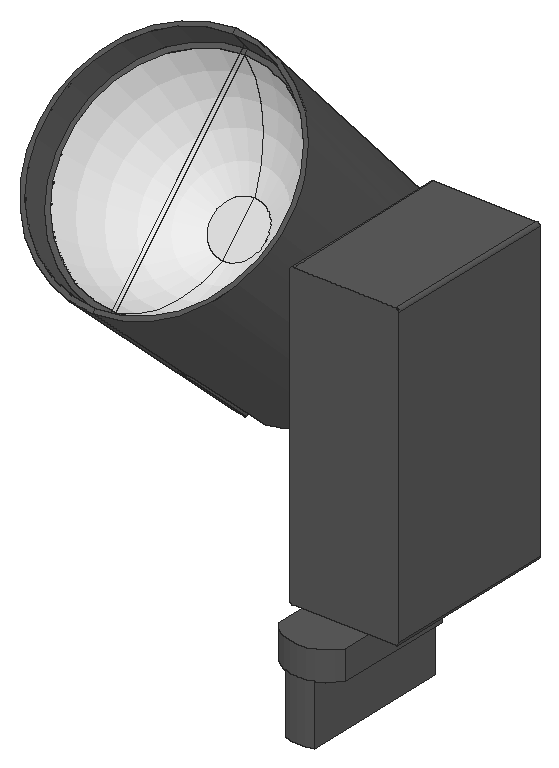
Revit family "0004891 Feilo Sylvania Lighting Fixture START TRACK SPOT L 35W 3K RA90 WB BLACK", category Lighting Fixtures, host Face, Revit 2017
Family settings
  Host = Face
  Round Connector Dimension = Use Diameter
  Part Type = Normal
  OmniClass Number = 23.80.70.00
  OmniClass Title = Lighting
  Cut with Voids When Loaded = No
  Light Source = No
  Shared = No
  Room Calculation Point = No
Parameters (values of type "0004891 START TRACK SPOT L 35W 3K RA90 WB BLACK")
  Weight = "1.368 kg"
  Wattage Comments = ""
  WarrantyStartDate [instance] = "n/a"
  WarrantyGuarantorParts = "n/a"
  WarrantyDurationUnit = "n/a"
  WarrantyDurationParts = "n/a"
  WarrantyDescription = "n/a"
  Voltage = 230 V
  URL = "http://www.sylvania-lighting.com"
  TypeName = "START TRACK SPOT L 35W 3K RA90 WB BLACK"
  TypeHead_FEILO = Start Track Spot Head : 0004891 START TRACK SPOT L 35W 3K RA90 WB BLACK
  TypeBox_FEILO = Start Track Spot Box : Type Large Black
  Type Image = <None>
  Type Comments = "n/a"
  VerticalRotation_FEILO [instance] = 0.00°
  SlideEndAngle_FEILO [instance] = VerticalRotation_FEILO + 180.00°  # 180.00°
  SerialNumber [instance] = "n/a"
  Material_3_FEILO = none
  PowerFactor = 0.93
  PowerConsumption = "35 W"
  NominalLength = 0 mm
  NominalHeight = 240 mm
  NominalDepth = 164 mm
  Name = "START TRACK SPOT L 35W 3K RA90 WB BLACK"
  ModelReference = Name  # "START TRACK SPOT L 35W 3K RA90 WB BLACK"
  ModelNumber = "0004891"
  Model = Name  # "START TRACK SPOT L 35W 3K RA90 WB BLACK"
  Material = "adc12 aluminium housing, polycarbonate diffuser"
  ManufacturerName = "Feilo Sylvania"
  Manufacturer = "Feilo Sylvania"
  LuminousEfficacy = "93 lm/W"
  LuminaireType = ""
  LightOutputRatio = "100"
  LampsType = Lamp  # "LED"
  LampNominalLuminous = "3260 lm"
  LampMacAdamStep = "3"
  LampColourTemperature = "3000 K"
  LampColourRenderingIndex = "90"
  Lamp = "LED"
  Keynote = "16500"
  InstallationDate [instance] = "n/a"
  InputVoltage = "230-240V~"
  InputNominalFrequency = "50/60 Hz"
  IngressProtection = "IP20"
  ImpactProtectionIndex = "IK02"
  IfcExportType = "IfcLightFixtureType"
  IfcExportAs = "IfcLightFixtureType"
  HorizontalRotation_FEILO [instance] = 45.00°
  ExpectedLife = 50000
  ElectricShockClassification = "Class II"
  DurationUnit = "hours"
  DocumentationLiterature = "http://www.sylvania-lighting.com/product/en-int/products/0004891"
  DimmingControlOptions = "Non dimmable"
  Material_2_FEILO = none
  Description = "Integrated LED spotlight, Textured Black - RAL9005, compact and minimalist design, ideal for retail applications, die-cast aluminium body, passive cooling heatsink. Beam angle: 52°, color temperature: 3000K , total system power: 35W, total fixture output: 3260 lm, LOR: 100%, colour rendering: Ra: 90 typical, LED Chromaticity: 3 step MacAdam ellipse, lifetime: >50000 hours at L70B50, energy class: A++, A+, A, IR/UV free light source without heat radiation, operating voltage: 220-240V / 50-60Hz, drive current: 900mA, electronic driver, non-dimmable, power factor: 0.93, electrical protection: Class II, Global Track 3 Phase adapter suitable for Global trac 3-circuit tracks, ingress protection rating: IP20, suitable for internal environment only, horizontal rotation: 355°, vertical tilt: 90°, dimensions: Ø113x164x240, weight: 1.368kg."
  Default Elevation = 1219.2 mm
  CreatedOn = "12/12/2017"
  CreatedBy = ""
  Cost = 0
  built-in parameter 1114216 [instance] = (empty or 0)
  ClassificationValue = "EF_70_80"
  ClassificationName = "Uniclass2015"
  Material_1_FEILO = Body-Sylvania-StartTrackSpot-Black
  BarCode [instance] = "n/a"
  AssetType = "Fixed"
  AssetIdentifier [instance] = "n/a"
  Assembly Code = "D5020200"
  Apparent Load = 35 VA
  Material_4_FEILO = none
Reference planes
  plane 1 "Center (Front/Back)": y = 0
  plane 2: z = 0
  plane 3 "Center (Left/Right)": x = 0
  plane 4: x = 15
  plane 5: x = -15
  plane 6: y = 35
  plane 7: y = -35
  plane 8: z = 13
  plane 9: z = -27
  plane 10: x = 6.5
  plane 11: x = -6.5
  plane 12: y = 27
  plane 13: y = -27
  plane 14: y = 20
Forms (mm)
  Extrusion 1, solid, material "Body-Sylvania-StartTrackSpot-Black" <- "Material_1_FEILO"
    sketch origin (0, 0, 0) x (1, 0, 0) y (0, 1, 0)
      loop
        line (-15, 27) -> (-15, -27)
        arc (-15, -27) -> (0, -35) -> (15, -27) r 18.062
        line (15, -27) -> (15, 27)
        arc (15, 27) -> (0, 35) -> (-15, 27) r 18.062
    from 0 to 13
  Extrusion 2, solid, material "Body-Sylvania-StartTrackSpot-Black" <- "Material_1_FEILO"
    sketch origin (0, 0, 0) x (1, 0, 0) y (0, 1, 0)
      loop
        arc (6.5, 33.79) -> (0, 35) -> (-6.5, 33.79) r 18.062
        line (-6.5, 33.79) -> (-6.5, -33.79)
        arc (-6.5, -33.79) -> (0, -35) -> (6.5, -33.79) r 18.062
        line (6.5, -33.79) -> (6.5, 33.79)
    from 0 to -27
  Revolve 3, solid, not visible
    sketch origin (1524, 20, 1219.2) x (1, 0, 0) y (0, 0, 1)
      loop
        line (-1524, -1206.2) -> (-1524, -1191.285) -> (-1530.5, -1191.285) -> (-1530.5, -1206.2) -> (-1524, -1206.2)
      axis (-1524, -1191.285) -> (-1524, -1206.2)
    angle from 0 <- "VerticalRotation_FEILO" to 180 <- "SlideEndAngle_FEILO"
Cuts and joins
  joined: Extrusion 1, Extrusion 2
Dimensions and locks
  equal spacing: plane 10, plane 3 "Center (Left/Right)", plane 11
  equal spacing: plane 4, plane 3 "Center (Left/Right)", plane 5
  locked: plane 8 to plane 2 at 13
  locked: plane 8 to plane 9 at 40
  equal spacing: plane 13, plane 1 "Center (Front/Back)", plane 12
  locked: plane 12 to plane 6 at 8
  locked: plane 14 to plane 6 at 15
  locked: Revolve 3 sketch curve to plane 8 at 14.915
  aligned and locked: plane 2 to host face
  aligned and locked: level to host face
  aligned and locked: plane 5 to Extrusion 1 sketch curve  (x2)
  aligned and locked: plane 12 to Extrusion 1 sketch curve
  aligned and locked: plane 13 to Extrusion 1 sketch curve
  aligned and locked: plane 4 to Extrusion 1 sketch curve
  aligned and locked: Extrusion 1 to plane 8
  aligned and locked: Extrusion 1 to level
  aligned and locked: Extrusion 2 sketch curve to Extrusion 1  (x2)
  aligned and locked: Extrusion 2 sketch curve to plane 11
  aligned and locked: plane 10 to Extrusion 2 sketch curve
  aligned and locked: plane 9 to Extrusion 2
  aligned and locked: level to Extrusion 2
  aligned and locked: Revolve 3 sketch curve to plane 3 "Center (Left/Right)"  (x2)
  aligned and locked: plane 11 to Revolve 3 sketch curve
  aligned and locked: Revolve 3 sketch curve to plane 8
Automatic sketch dimensions
  host sketch curve to host sketch curve = 2438.4 mm  (x2)
  Extrusion 1 sketch curve to plane 3 "Center (Left/Right)" = 0 mm  (x2)
  Extrusion 1 sketch curve to plane 13 = 10.062 mm
  plane 12 to Extrusion 1 sketch curve = 10.062 mm
  Revolve 3 sketch curve to plane 3 "Center (Left/Right)" = 0 mm
  plane 9 to Revolve 3 sketch curve = 582.6 mm
  Revolve 3 sketch curve to Revolve 3 sketch curve = 2581.144 mm
Nested families
  nested 1: "Start Track Spot Head" at (-75.5, 20, 133) x (0, 0.7071, 0.7071) z (0, 0.7071, -0.7071), type <- "TypeHead_FEILO", type "0004891 START TRACK SPOT L 35W 3K RA90 WB BLACK"
    with built-in parameter 1114216 (empty or 0)
  nested 2: "Start Track Spot Box" at (8.5, 20, 85) x (-1, 0, 0) z (0, -1, 0), BoxStartAngle_FEILO <- "HorizontalRotation_FEILO", type <- "TypeBox_FEILO", type "Type Large Black"
    with BoxStartAngle_FEILO 45.00°, BoxEndAngle_FEILO -135.00°
Connectors
  electrical at (0, 0, 0), driven by "Apparent Load", driven by "PowerFactor", driven by "Voltage"
    settings: index 1, voltage 230 V, apparent load 35 VA, apparent load phase1 0 VA, apparent load phase2 0 VA, apparent load phase3 0 VA, power factor 0.93, load classification "Lighting", number of poles 1, system type 30, power factor state 1, is connector primary yes, connector utility no, sub classification motor no, connector description ""
Definition of nested family "Start Track Spot Head"
  Parameters (values of type "0004811 START TRACK SPOT S 14W 3K RA80 NB WHITE")
    Wattage Comments = "n/a"
    Wattage = 14 W
    built-in parameter 1150110 = 1 (stored number, unit not read)
    URL = "http://www.feilosylvania.com"
    Type Image = (empty or 0)
    Type Comments = "n/a"
    built-in parameter 1114217 = 1 (stored number, unit not read)
    Tilt Angle = -90.00°
    built-in parameter 1150109 = 1 (stored number, unit not read)
    built-in parameter 1150134 = (empty or 0)
    built-in parameter 1150113 = 1 (stored number, unit not read)
    Photometric Web File = "0004811.ies"
    Material_3_FEILO = none
    Model = "START TRACK SPOT S 14W 3K RA80 NB WHITE"
    Manufacturer = "Feilo Sylvania"
    built-in parameter 1150105 = 123.66 (stored number, unit not read)
    Lumens = 1554 lm
    built-in parameter 1150115 = 1 (stored number, unit not read)
    built-in parameter 1150137 = (empty or 0)
    built-in parameter 1150139 = (empty or 0)
    built-in parameter 1150112 = 1 (stored number, unit not read)
    built-in parameter 1150114 = 1 (stored number, unit not read)
    Lamp = "LED"
    Keynote = "16500"
    Material_2_FEILO = none
    built-in parameter 1150132 = (empty or 0)
    built-in parameter 1150102 = (empty or 0)
    built-in parameter 1150107 = 3000 (stored number, unit not read)
    built-in parameter 1150138 = (empty or 0)
    built-in parameter 1150106 = 1.2366 (stored number, unit not read)
    HeadThickness_FEILO = if(HeadDiaOut_FEILO > 112 mm, 2 mm, 1.5 mm)  # 1.5 mm
    HeadRibOffset_FEILO = HeadHeight_FEILO / 28  # 4.179 mm
    HeadRibDepth_FEILO = HeadHeight_FEILO / 2.1  # 55.714 mm
    HeadRibCutWidth_FEILO = HeadDiaOut_FEILO / 12  # 7.167 mm
    HeadRibCutOffset_FEILO = HeadHeight_FEILO / 2.3  # 50.87 mm
    HeadReflectorRadius_FEILO = HeadDiaOut_FEILO / 1.7  # 50.588 mm
    HeadReflectorOffset_FEILO = HeadHeight_FEILO / 2.1  # 55.714 mm
    HeadLEDRadius_FEILO = HeadDiaOut_FEILO / 9  # 9.556 mm
    HeadHeight_FEILO = 117 mm
    HeadDraft_FEILO = 1 mm
    HeadDiffusorThickness_FEILO = 3 mm
    HeadDiffusorOffset_FEILO = HeadHeight_FEILO / 12.4  # 9.435 mm
    HeadDiaOut_FEILO = 86 mm
    HeadDiaIn_FEILO = HeadDiaOut_FEILO / 1.11  # 77.477 mm
    HeadAxisFromTop_FEILO = HeadHeight_FEILO / 1.687  # 69.354 mm
    Emit from Circle Diameter = HeadDiaIn_FEILO  # 77.477 mm
    Emit Shape Visible in Rendering = no
    built-in parameter 1150104 = 10.312 (stored number, unit not read)
    Dimming Lamp Color Temperature Shift = (empty or 0)
    Description = "Integrated LED spotlight, Textured White - RAL9016, compact and minimalist design, ideal for retail applications, die-cast aluminium body, passive cooling heatsink. Beam angle: 12°, color temperature: 3000K , total system power: 14W, total fixture output: 1551 lm, LOR: 100%, colour rendering: Ra: 80 typical, LED Chromaticity: 3 step MacAdam ellipse, lifetime: >50000 hours at L70B50, energy class: A++, A+, A, IR/UV free light source without heat radiation, operating voltage: 220-240V / 50-60Hz, drive current: 350mA, electronic driver, non-dimmable, power factor: 0.92, electrical protection: Class II, Global Track 3 Phase adapter suitable for Global trac 3-circuit tracks, ingress protection rating: IP20, suitable for internal environment only, horizontal rotation: 355°, vertical tilt: 90°, dimensions: Ø86x140x200, weight: 0.940kg."
    Default Elevation = 1219.2 mm
    Cost = 0
    Color Filter = 16777215
    built-in parameter 1114216 [instance] = (empty or 0)
    Material_1_FEILO = none
    built-in parameter 1114218 = 1 (stored number, unit not read)
    built-in parameter 1150133 = 10 (stored number, unit not read)
    Assembly Code = "D5020200"
    Apparent Load = 14 VA
    Material_4_FEILO = none
  Types (96, lengths in mm): name | Wattage | built-in parameter 1150134 | Photometric Web File | Model | built-in parameter 1150105 | Lumens | built-in parameter 1150107 | built-in parameter 1150106 | HeadThickness_FEILO | HeadRibOffset_FEILO | HeadRibDepth_FEILO | HeadRibCutWidth_FEILO | HeadRibCutOffset_FEILO | HeadReflectorRadius_FEILO | HeadReflectorOffset_FEILO | HeadLEDRadius_FEILO | HeadHeight_FEILO | HeadDiffusorOffset_FEILO | HeadDiaOut_FEILO | HeadDiaIn_FEILO | HeadAxisFromTop_FEILO | Emit from Circle Diameter | built-in parameter 1150104 | Description | Apparent Load
    0004906 START TRACK SPOT L 55W 4K RA90 WB BLACK | 55 W | 12 | "0004906.ies" | "START TRACK SPOT L 55W 4K RA90 WB BLACK" | 385.15 (stored number, unit not read) | 4840 lm | 4000 (stored number, unit not read) | 3.8515 (stored number, unit not read) | 2 | 4.429 | 59.048 | 9.417 | 53.913 | 66.471 | 59.048 | 12.556 | 124 | 10 | 113 | 101.802 | 73.503 | 101.802 | 8.1755 (stored number, unit not read) | "Integrated LED spotlight, Textured Black - RAL9005, compact and minimalist design, ideal for retail applications, die-cast aluminium body, passive cooling heatsink. Beam angle: 52°, color temperature: 4000K , total system power: 55W, total fixture output: 4824 lm, LOR: 100%, colour rendering: Ra: 90 typical, LED Chromaticity: 3 step MacAdam ellipse, lifetime: >50000 hours at L70B50, energy class: A++, A+, A, IR/UV free light source without heat radiation, operating voltage: 220-240V / 50-60Hz, drive current: 1400mA, electronic driver, non-dimmable, power factor: 0.96, electrical protection: Class II, Global Track 3 Phase adapter suitable for Global trac 3-circuit tracks, ingress protection rating: IP20, suitable for internal environment only, horizontal rotation: 355°, vertical tilt: 90°, dimensions: Ø113x164x240, weight: 1.398kg." | 55 VA
    0004905 START TRACK SPOT L 55W 4K RA90 MB BLACK | 55 W | 12 | "0004905.ies" | "START TRACK SPOT L 55W 4K RA90 MB BLACK" | 389.53 (stored number, unit not read) | 4895 lm | 4000 (stored number, unit not read) | 3.8953 (stored number, unit not read) | 2 | 4.429 | 59.048 | 9.417 | 53.913 | 66.471 | 59.048 | 12.556 | 124 | 10 | 113 | 101.802 | 73.503 | 101.802 | 8.2684 (stored number, unit not read) | "Integrated LED spotlight, Textured Black - RAL9005, compact and minimalist design, ideal for retail applications, die-cast aluminium body, passive cooling heatsink. Beam angle: 38°, color temperature: 4000K , total system power: 55W, total fixture output: 4897 lm, LOR: 100%, colour rendering: Ra: 90 typical, LED Chromaticity: 3 step MacAdam ellipse, lifetime: >50000 hours at L70B50, energy class: A++, A+, A, IR/UV free light source without heat radiation, operating voltage: 220-240V / 50-60Hz, drive current: 1400mA, electronic driver, non-dimmable, power factor: 0.96, electrical protection: Class II, Global Track 3 Phase adapter suitable for Global trac 3-circuit tracks, ingress protection rating: IP20, suitable for internal environment only, horizontal rotation: 355°, vertical tilt: 90°, dimensions: Ø113x164x240, weight: 1.398kg." | 55 VA
    0004904 START TRACK SPOT L 55W 4K RA90 NB BLACK | 55 W | 12 | "0004904.ies" | "START TRACK SPOT L 55W 4K RA90 NB BLACK" | 393.91 (stored number, unit not read) | 4950 lm | 4000 (stored number, unit not read) | 3.9391 (stored number, unit not read) | 2 | 4.429 | 59.048 | 9.417 | 53.913 | 66.471 | 59.048 | 12.556 | 124 | 10 | 113 | 101.802 | 73.503 | 101.802 | 8.3613 (stored number, unit not read) | "Integrated LED spotlight, Textured Black - RAL9005, compact and minimalist design, ideal for retail applications, die-cast aluminium body, passive cooling heatsink. Beam angle: 15°, color temperature: 4000K , total system power: 55W, total fixture output: 4965 lm, LOR: 100%, colour rendering: Ra: 90 typical, LED Chromaticity: 3 step MacAdam ellipse, lifetime: >50000 hours at L70B50, energy class: A++, A+, A, IR/UV free light source without heat radiation, operating voltage: 220-240V / 50-60Hz, drive current: 1400mA, electronic driver, non-dimmable, power factor: 0.96, electrical protection: Class II, Global Track 3 Phase adapter suitable for Global trac 3-circuit tracks, ingress protection rating: IP20, suitable for internal environment only, horizontal rotation: 355°, vertical tilt: 90°, dimensions: Ø113x164x240, weight: 1.398kg." | 55 VA
    0004903 START TRACK SPOT L 35W 4K RA90 WB BLACK | 35 W | 12 | "0004903.ies" | "START TRACK SPOT L 35W 4K RA90 WB BLACK" | 284.09 (stored number, unit not read) | 3570 lm | 4000 (stored number, unit not read) | 2.8409 (stored number, unit not read) | 2 | 4.429 | 59.048 | 9.417 | 53.913 | 66.471 | 59.048 | 12.556 | 124 | 10 | 113 | 101.802 | 73.503 | 101.802 | 9.4761 (stored number, unit not read) | "Integrated LED spotlight, Textured Black - RAL9005, compact and minimalist design, ideal for retail applications, die-cast aluminium body, passive cooling heatsink. Beam angle: 52°, color temperature: 4000K , total system power: 35W, total fixture output: 3562 lm, LOR: 100%, colour rendering: Ra: 90 typical, LED Chromaticity: 3 step MacAdam ellipse, lifetime: >50000 hours at L70B50, energy class: A++, A+, A, IR/UV free light source without heat radiation, operating voltage: 220-240V / 50-60Hz, drive current: 900mA, electronic driver, non-dimmable, power factor: 0.93, electrical protection: Class II, Global Track 3 Phase adapter suitable for Global trac 3-circuit tracks, ingress protection rating: IP20, suitable for internal environment only, horizontal rotation: 355°, vertical tilt: 90°, dimensions: Ø113x164x240, weight: 1.368kg." | 35 VA
    0004902 START TRACK SPOT L 35W 4K RA90 MB BLACK | 35 W | 12 | "0004902.ies" | "START TRACK SPOT L 35W 4K RA90 MB BLACK" | 286.88 (stored number, unit not read) | 3605 lm | 4000 (stored number, unit not read) | 2.8688 (stored number, unit not read) | 2 | 4.429 | 59.048 | 9.417 | 53.913 | 66.471 | 59.048 | 12.556 | 124 | 10 | 113 | 101.802 | 73.503 | 101.802 | 9.569 (stored number, unit not read) | "Integrated LED spotlight, Textured Black - RAL9005, compact and minimalist design, ideal for retail applications, die-cast aluminium body, passive cooling heatsink. Beam angle: 38°, color temperature: 4000K , total system power: 35W, total fixture output: 3616 lm, LOR: 100%, colour rendering: Ra: 90 typical, LED Chromaticity: 3 step MacAdam ellipse, lifetime: >50000 hours at L70B50, energy class: A++, A+, A, IR/UV free light source without heat radiation, operating voltage: 220-240V / 50-60Hz, drive current: 900mA, electronic driver, non-dimmable, power factor: 0.93, electrical protection: Class II, Global Track 3 Phase adapter suitable for Global trac 3-circuit tracks, ingress protection rating: IP20, suitable for internal environment only, horizontal rotation: 355°, vertical tilt: 90°, dimensions: Ø113x164x240, weight: 1.368kg." | 35 VA
    0004901 START TRACK SPOT L 35W 4K RA90 NB BLACK | 35 W | 12 | "0004901.ies" | "START TRACK SPOT L 35W 4K RA90 NB BLACK" | 286.88 (stored number, unit not read) | 3605 lm | 4000 (stored number, unit not read) | 2.8688 (stored number, unit not read) | 2 | 4.429 | 59.048 | 9.417 | 53.913 | 66.471 | 59.048 | 12.556 | 124 | 10 | 113 | 101.802 | 73.503 | 101.802 | 9.569 (stored number, unit not read) | "Integrated LED spotlight, Textured Black - RAL9005, compact and minimalist design, ideal for retail applications, die-cast aluminium body, passive cooling heatsink. Beam angle: 15°, color temperature: 4000K , total system power: 35W, total fixture output: 3593 lm, LOR: 100%, colour rendering: Ra: 90 typical, LED Chromaticity: 3 step MacAdam ellipse, lifetime: >50000 hours at L70B50, energy class: A++, A+, A, IR/UV free light source without heat radiation, operating voltage: 220-240V / 50-60Hz, drive current: 900mA, electronic driver, non-dimmable, power factor: 0.93, electrical protection: Class II, Global Track 3 Phase adapter suitable for Global trac 3-circuit tracks, ingress protection rating: IP20, suitable for internal environment only, horizontal rotation: 355°, vertical tilt: 90°, dimensions: Ø113x164x240, weight: 1.368kg." | 35 VA
    0004900 START TRACK SPOT S 24W 4K RA90 WB BLACK | 24 W | 12 | "0004900.ies" | "START TRACK SPOT S 24W 4K RA90 WB BLACK" | 166.16 (stored number, unit not read) | 2088 lm | 4000 (stored number, unit not read) | 1.6616 (stored number, unit not read) | 1.5 | 4.179 | 55.714 | 7.167 | 50.87 | 50.588 | 55.714 | 9.556 | 117 | 9.435 | 86 | 77.477 | 69.354 | 77.477 | 8.0826 (stored number, unit not read) | "Integrated LED spotlight, Textured Black - RAL9005, compact and minimalist design, ideal for retail applications, die-cast aluminium body, passive cooling heatsink. Beam angle: 64°, color temperature: 4000K , total system power: 24W, total fixture output: 2087 lm, LOR: 100%, colour rendering: Ra: 90 typical, LED Chromaticity: 3 step MacAdam ellipse, lifetime: >50000 hours at L70B50, energy class: A++, A+, A, IR/UV free light source without heat radiation, operating voltage: 220-240V / 50-60Hz, drive current: 600mA, electronic driver, non-dimmable, power factor: 0.95, electrical protection: Class II, Global Track 3 Phase adapter suitable for Global trac 3-circuit tracks, ingress protection rating: IP20, suitable for internal environment only, horizontal rotation: 355°, vertical tilt: 90°, dimensions: Ø86x140x200, weight: 0.966kg." | 24 VA
    0004899 START TRACK SPOT S 24W 4K RA90 MB BLACK | 24 W | 12 | "0004899.ies" | "START TRACK SPOT S 24W 4K RA90 MB BLACK" | 169.98 (stored number, unit not read) | 2136 lm | 4000 (stored number, unit not read) | 1.6998 (stored number, unit not read) | 1.5 | 4.179 | 55.714 | 7.167 | 50.87 | 50.588 | 55.714 | 9.556 | 117 | 9.435 | 86 | 77.477 | 69.354 | 77.477 | 8.2684 (stored number, unit not read) | "Integrated LED spotlight, Textured Black - RAL9005, compact and minimalist design, ideal for retail applications, die-cast aluminium body, passive cooling heatsink. Beam angle: 36°, color temperature: 4000K , total system power: 24W, total fixture output: 2141 lm, LOR: 100%, colour rendering: Ra: 90 typical, LED Chromaticity: 3 step MacAdam ellipse, lifetime: >50000 hours at L70B50, energy class: A++, A+, A, IR/UV free light source without heat radiation, operating voltage: 220-240V / 50-60Hz, drive current: 600mA, electronic driver, non-dimmable, power factor: 0.95, electrical protection: Class II, Global Track 3 Phase adapter suitable for Global trac 3-circuit tracks, ingress protection rating: IP20, suitable for internal environment only, horizontal rotation: 355°, vertical tilt: 90°, dimensions: Ø86x140x200, weight: 0.966kg." | 24 VA
    0004898 START TRACK SPOT S 24W 4K RA90 NB BLACK | 24 W | 12 | "0004898.ies" | "START TRACK SPOT S 24W 4K RA90 NB BLACK" | 171.89 (stored number, unit not read) | 2160 lm | 4000 (stored number, unit not read) | 1.7189 (stored number, unit not read) | 1.5 | 4.179 | 55.714 | 7.167 | 50.87 | 50.588 | 55.714 | 9.556 | 117 | 9.435 | 86 | 77.477 | 69.354 | 77.477 | 8.3613 (stored number, unit not read) | "Integrated LED spotlight, Textured Black - RAL9005, compact and minimalist design, ideal for retail applications, die-cast aluminium body, passive cooling heatsink. Beam angle: 12°, color temperature: 4000K , total system power: 24W, total fixture output: 2155 lm, LOR: 100%, colour rendering: Ra: 90 typical, LED Chromaticity: 3 step MacAdam ellipse, lifetime: >50000 hours at L70B50, energy class: A++, A+, A, IR/UV free light source without heat radiation, operating voltage: 220-240V / 50-60Hz, drive current: 600mA, electronic driver, non-dimmable, power factor: 0.95, electrical protection: Class II, Global Track 3 Phase adapter suitable for Global trac 3-circuit tracks, ingress protection rating: IP20, suitable for internal environment only, horizontal rotation: 355°, vertical tilt: 90°, dimensions: Ø86x140x200, weight: 0.966kg." | 24 VA
    0004897 START TRACK SPOT S 14W 4K RA90 WB BLACK | 14 W | 12 | "0004897.ies" | "START TRACK SPOT S 14W 4K RA90 WB BLACK" | 108.07 (stored number, unit not read) | 1358 lm | 4000 (stored number, unit not read) | 1.0807 (stored number, unit not read) | 1.5 | 4.179 | 55.714 | 7.167 | 50.87 | 50.588 | 55.714 | 9.556 | 117 | 9.435 | 86 | 77.477 | 69.354 | 77.477 | 9.0116 (stored number, unit not read) | "Integrated LED spotlight, Textured Black - RAL9005, compact and minimalist design, ideal for retail applications, die-cast aluminium body, passive cooling heatsink. Beam angle: 64°, color temperature: 4000K , total system power: 14W, total fixture output: 1352 lm, LOR: 100%, colour rendering: Ra: 90 typical, LED Chromaticity: 3 step MacAdam ellipse, lifetime: >50000 hours at L70B50, energy class: A++, A+, A, IR/UV free light source without heat radiation, operating voltage: 220-240V / 50-60Hz, drive current: 350mA, electronic driver, non-dimmable, power factor: 0.92, electrical protection: Class II, Global Track 3 Phase adapter suitable for Global trac 3-circuit tracks, ingress protection rating: IP20, suitable for internal environment only, horizontal rotation: 355°, vertical tilt: 90°, dimensions: Ø86x140x200, weight: 0.940kg." | 14 VA
    0004896 START TRACK SPOT S 14W 4K RA90 MB BLACK | 14 W | 12 | "0004896.ies" | "START TRACK SPOT S 14W 4K RA90 MB BLACK" | 108.07 (stored number, unit not read) | 1358 lm | 4000 (stored number, unit not read) | 1.0807 (stored number, unit not read) | 1.5 | 4.179 | 55.714 | 7.167 | 50.87 | 50.588 | 55.714 | 9.556 | 117 | 9.435 | 86 | 77.477 | 69.354 | 77.477 | 9.0116 (stored number, unit not read) | "Integrated LED spotlight, Textured Black - RAL9005, compact and minimalist design, ideal for retail applications, die-cast aluminium body, passive cooling heatsink. Beam angle: 36°, color temperature: 4000K , total system power: 14W, total fixture output: 1359 lm, LOR: 100%, colour rendering: Ra: 90 typical, LED Chromaticity: 3 step MacAdam ellipse, lifetime: >50000 hours at L70B50, energy class: A++, A+, A, IR/UV free light source without heat radiation, operating voltage: 220-240V / 50-60Hz, drive current: 350mA, electronic driver, non-dimmable, power factor: 0.92, electrical protection: Class II, Global Track 3 Phase adapter suitable for Global trac 3-circuit tracks, ingress protection rating: IP20, suitable for internal environment only, horizontal rotation: 355°, vertical tilt: 90°, dimensions: Ø86x140x200, weight: 0.940kg." | 14 VA
    0004895 START TRACK SPOT S 14W 4K RA90 NB BLACK | 14 W | 12 | "0004895.ies" | "START TRACK SPOT S 14W 4K RA90 NB BLACK" | 106.95 (stored number, unit not read) | 1344 lm | 4000 (stored number, unit not read) | 1.0695 (stored number, unit not read) | 1.5 | 4.179 | 55.714 | 7.167 | 50.87 | 50.588 | 55.714 | 9.556 | 117 | 9.435 | 86 | 77.477 | 69.354 | 77.477 | 8.9187 (stored number, unit not read) | "Integrated LED spotlight, Textured Black - RAL9005, compact and minimalist design, ideal for retail applications, die-cast aluminium body, passive cooling heatsink. Beam angle: 12°, color temperature: 4000K , total system power: 14W, total fixture output: 1349 lm, LOR: 100%, colour rendering: Ra: 90 typical, LED Chromaticity: 3 step MacAdam ellipse, lifetime: >50000 hours at L70B50, energy class: A++, A+, A, IR/UV free light source without heat radiation, operating voltage: 220-240V / 50-60Hz, drive current: 350mA, electronic driver, non-dimmable, power factor: 0.92, electrical protection: Class II, Global Track 3 Phase adapter suitable for Global trac 3-circuit tracks, ingress protection rating: IP20, suitable for internal environment only, horizontal rotation: 355°, vertical tilt: 90°, dimensions: Ø86x140x200, weight: 0.940kg." | 14 VA
    0004894 START TRACK SPOT L 55W 3K RA90 WB BLACK | 55 W | (empty or 0) | "0004894.ies" | "START TRACK SPOT L 55W 3K RA90 WB BLACK" | 350.14 (stored number, unit not read) | 4400 lm | 3000 (stored number, unit not read) | 3.5014 (stored number, unit not read) | 2 | 4.429 | 59.048 | 9.417 | 53.913 | 66.471 | 59.048 | 12.556 | 124 | 10 | 113 | 101.802 | 73.503 | 101.802 | 7.4322 (stored number, unit not read) | "Integrated LED spotlight, Textured Black - RAL9005, compact and minimalist design, ideal for retail applications, die-cast aluminium body, passive cooling heatsink. Beam angle: 52°, color temperature: 3000K , total system power: 55W, total fixture output: 4405 lm, LOR: 100%, colour rendering: Ra: 90 typical, LED Chromaticity: 3 step MacAdam ellipse, lifetime: >50000 hours at L70B50, energy class: A++, A+, A, IR/UV free light source without heat radiation, operating voltage: 220-240V / 50-60Hz, drive current: 1400mA, electronic driver, non-dimmable, power factor: 0.96, electrical protection: Class II, Global Track 3 Phase adapter suitable for Global trac 3-circuit tracks, ingress protection rating: IP20, suitable for internal environment only, horizontal rotation: 355°, vertical tilt: 90°, dimensions: Ø113x164x240, weight: 1.398kg." | 55 VA
    0004893 START TRACK SPOT L 55W 3K RA90 MB BLACK | 55 W | (empty or 0) | "0004893.ies" | "START TRACK SPOT L 55W 3K RA90 MB BLACK" | 354.52 (stored number, unit not read) | 4455 lm | 3000 (stored number, unit not read) | 3.5452 (stored number, unit not read) | 2 | 4.429 | 59.048 | 9.417 | 53.913 | 66.471 | 59.048 | 12.556 | 124 | 10 | 113 | 101.802 | 73.503 | 101.802 | 7.5251 (stored number, unit not read) | "Integrated LED spotlight, Textured Black - RAL9005, compact and minimalist design, ideal for retail applications, die-cast aluminium body, passive cooling heatsink. Beam angle: 38°, color temperature: 3000K , total system power: 55W, total fixture output: 4448 lm, LOR: 100%, colour rendering: Ra: 90 typical, LED Chromaticity: 3 step MacAdam ellipse, lifetime: >50000 hours at L70B50, energy class: A++, A+, A, IR/UV free light source without heat radiation, operating voltage: 220-240V / 50-60Hz, drive current: 1400mA, electronic driver, non-dimmable, power factor: 0.96, electrical protection: Class II, Global Track 3 Phase adapter suitable for Global trac 3-circuit tracks, ingress protection rating: IP20, suitable for internal environment only, horizontal rotation: 355°, vertical tilt: 90°, dimensions: Ø113x164x240, weight: 1.398kg." | 55 VA
    0004892 START TRACK SPOT L 55W 3K RA90 NB BLACK | 55 W | (empty or 0) | "0004892.ies" | "START TRACK SPOT L 55W 3K RA90 NB BLACK" | 350.14 (stored number, unit not read) | 4400 lm | 3000 (stored number, unit not read) | 3.5014 (stored number, unit not read) | 2 | 4.429 | 59.048 | 9.417 | 53.913 | 66.471 | 59.048 | 12.556 | 124 | 10 | 113 | 101.802 | 73.503 | 101.802 | 7.4322 (stored number, unit not read) | "Integrated LED spotlight, Textured Black - RAL9005, compact and minimalist design, ideal for retail applications, die-cast aluminium body, passive cooling heatsink. Beam angle: 15°, color temperature: 3000K , total system power: 55W, total fixture output: 4416 lm, LOR: 100%, colour rendering: Ra: 90 typical, LED Chromaticity: 3 step MacAdam ellipse, lifetime: >50000 hours at L70B50, energy class: A++, A+, A, IR/UV free light source without heat radiation, operating voltage: 220-240V / 50-60Hz, drive current: 1400mA, electronic driver, non-dimmable, power factor: 0.96, electrical protection: Class II, Global Track 3 Phase adapter suitable for Global trac 3-circuit tracks, ingress protection rating: IP20, suitable for internal environment only, horizontal rotation: 355°, vertical tilt: 90°, dimensions: Ø113x164x240, weight: 1.398kg." | 55 VA
    0004891 START TRACK SPOT L 35W 3K RA90 WB BLACK | 35 W | (empty or 0) | "0004891.ies" | "START TRACK SPOT L 35W 3K RA90 WB BLACK" | 259.02 (stored number, unit not read) | 3255 lm | 3000 (stored number, unit not read) | 2.5902 (stored number, unit not read) | 2 | 4.429 | 59.048 | 9.417 | 53.913 | 66.471 | 59.048 | 12.556 | 124 | 10 | 113 | 101.802 | 73.503 | 101.802 | 8.64 (stored number, unit not read) | "Integrated LED spotlight, Textured Black - RAL9005, compact and minimalist design, ideal for retail applications, die-cast aluminium body, passive cooling heatsink. Beam angle: 52°, color temperature: 3000K , total system power: 35W, total fixture output: 3260 lm, LOR: 100%, colour rendering: Ra: 90 typical, LED Chromaticity: 3 step MacAdam ellipse, lifetime: >50000 hours at L70B50, energy class: A++, A+, A, IR/UV free light source without heat radiation, operating voltage: 220-240V / 50-60Hz, drive current: 900mA, electronic driver, non-dimmable, power factor: 0.93, electrical protection: Class II, Global Track 3 Phase adapter suitable for Global trac 3-circuit tracks, ingress protection rating: IP20, suitable for internal environment only, horizontal rotation: 355°, vertical tilt: 90°, dimensions: Ø113x164x240, weight: 1.368kg." | 35 VA
    0004890 START TRACK SPOT L 35W 3K RA90 MB BLACK | 35 W | (empty or 0) | "0004890.ies" | "START TRACK SPOT L 35W 3K RA90 MB BLACK" | 261.81 (stored number, unit not read) | 3290 lm | 3000 (stored number, unit not read) | 2.6181 (stored number, unit not read) | 2 | 4.429 | 59.048 | 9.417 | 53.913 | 66.471 | 59.048 | 12.556 | 124 | 10 | 113 | 101.802 | 73.503 | 101.802 | 8.7329 (stored number, unit not read) | "Integrated LED spotlight, Textured Black - RAL9005, compact and minimalist design, ideal for retail applications, die-cast aluminium body, passive cooling heatsink. Beam angle: 38°, color temperature: 3000K , total system power: 35W, total fixture output: 3306 lm, LOR: 100%, colour rendering: Ra: 90 typical, LED Chromaticity: 3 step MacAdam ellipse, lifetime: >50000 hours at L70B50, energy class: A++, A+, A, IR/UV free light source without heat radiation, operating voltage: 220-240V / 50-60Hz, drive current: 900mA, electronic driver, non-dimmable, power factor: 0.93, electrical protection: Class II, Global Track 3 Phase adapter suitable for Global trac 3-circuit tracks, ingress protection rating: IP20, suitable for internal environment only, horizontal rotation: 355°, vertical tilt: 90°, dimensions: Ø113x164x240, weight: 1.368kg." | 35 VA
    0004889 START TRACK SPOT L 35W 3K RA90 NB BLACK | 35 W | (empty or 0) | "0004889.ies" | "START TRACK SPOT L 35W 3K RA90 NB BLACK" | 261.81 (stored number, unit not read) | 3290 lm | 3000 (stored number, unit not read) | 2.6181 (stored number, unit not read) | 2 | 4.429 | 59.048 | 9.417 | 53.913 | 66.471 | 59.048 | 12.556 | 124 | 10 | 113 | 101.802 | 73.503 | 101.802 | 8.7329 (stored number, unit not read) | "Integrated LED spotlight, Textured Black - RAL9005, compact and minimalist design, ideal for retail applications, die-cast aluminium body, passive cooling heatsink. Beam angle: 15°, color temperature: 3000K , total system power: 35W, total fixture output: 3287 lm, LOR: 100%, colour rendering: Ra: 90 typical, LED Chromaticity: 3 step MacAdam ellipse, lifetime: >50000 hours at L70B50, energy class: A++, A+, A, IR/UV free light source without heat radiation, operating voltage: 220-240V / 50-60Hz, drive current: 900mA, electronic driver, non-dimmable, power factor: 0.93, electrical protection: Class II, Global Track 3 Phase adapter suitable for Global trac 3-circuit tracks, ingress protection rating: IP20, suitable for internal environment only, horizontal rotation: 355°, vertical tilt: 90°, dimensions: Ø113x164x240, weight: 1.368kg." | 35 VA
    0004888 START TRACK SPOT S 24W 3K RA90 WB BLACK | 24 W | (empty or 0) | "0004888.ies" | "START TRACK SPOT S 24W 3K RA90 WB BLACK" | 152.79 (stored number, unit not read) | 1920 lm | 3000 (stored number, unit not read) | 1.5279 (stored number, unit not read) | 1.5 | 4.179 | 55.714 | 7.167 | 50.87 | 50.588 | 55.714 | 9.556 | 117 | 9.435 | 86 | 77.477 | 69.354 | 77.477 | 7.4322 (stored number, unit not read) | "Integrated LED spotlight, Textured Black - RAL9005, compact and minimalist design, ideal for retail applications, die-cast aluminium body, passive cooling heatsink. Beam angle: 64°, color temperature: 3000K , total system power: 24W, total fixture output: 1928 lm, LOR: 100%, colour rendering: Ra: 90 typical, LED Chromaticity: 3 step MacAdam ellipse, lifetime: >50000 hours at L70B50, energy class: A++, A+, A, IR/UV free light source without heat radiation, operating voltage: 220-240V / 50-60Hz, drive current: 600mA, electronic driver, non-dimmable, power factor: 0.95, electrical protection: Class II, Global Track 3 Phase adapter suitable for Global trac 3-circuit tracks, ingress protection rating: IP20, suitable for internal environment only, horizontal rotation: 355°, vertical tilt: 90°, dimensions: Ø86x140x200, weight: 0.966kg." | 24 VA
    0004887 START TRACK SPOT S 24W 3K RA90 MB BLACK | 24 W | (empty or 0) | "0004887.ies" | "START TRACK SPOT S 24W 3K RA90 MB BLACK" | 154.7 (stored number, unit not read) | 1944 lm | 3000 (stored number, unit not read) | 1.547 (stored number, unit not read) | 1.5 | 4.179 | 55.714 | 7.167 | 50.87 | 50.588 | 55.714 | 9.556 | 117 | 9.435 | 86 | 77.477 | 69.354 | 77.477 | 7.5251 (stored number, unit not read) | "Integrated LED spotlight, Textured Black - RAL9005, compact and minimalist design, ideal for retail applications, die-cast aluminium body, passive cooling heatsink. Beam angle: 36°, color temperature: 3000K , total system power: 24W, total fixture output: 1944 lm, LOR: 100%, colour rendering: Ra: 90 typical, LED Chromaticity: 3 step MacAdam ellipse, lifetime: >50000 hours at L70B50, energy class: A++, A+, A, IR/UV free light source without heat radiation, operating voltage: 220-240V / 50-60Hz, drive current: 600mA, electronic driver, non-dimmable, power factor: 0.95, electrical protection: Class II, Global Track 3 Phase adapter suitable for Global trac 3-circuit tracks, ingress protection rating: IP20, suitable for internal environment only, horizontal rotation: 355°, vertical tilt: 90°, dimensions: Ø86x140x200, weight: 0.966kg." | 24 VA
    0004886 START TRACK SPOT S 24W 3K RA90 NB BLACK | 24 W | (empty or 0) | "0004886.ies" | "START TRACK SPOT S 24W 3K RA90 NB BLACK" | 158.52 (stored number, unit not read) | 1992 lm | 3000 (stored number, unit not read) | 1.5852 (stored number, unit not read) | 1.5 | 4.179 | 55.714 | 7.167 | 50.87 | 50.588 | 55.714 | 9.556 | 117 | 9.435 | 86 | 77.477 | 69.354 | 77.477 | 7.711 (stored number, unit not read) | "Integrated LED spotlight, Textured Black - RAL9005, compact and minimalist design, ideal for retail applications, die-cast aluminium body, passive cooling heatsink. Beam angle: 12°, color temperature: 3000K , total system power: 24W, total fixture output: 1987 lm, LOR: 100%, colour rendering: Ra: 90 typical, LED Chromaticity: 3 step MacAdam ellipse, lifetime: >50000 hours at L70B50, energy class: A++, A+, A, IR/UV free light source without heat radiation, operating voltage: 220-240V / 50-60Hz, drive current: 600mA, electronic driver, non-dimmable, power factor: 0.95, electrical protection: Class II, Global Track 3 Phase adapter suitable for Global trac 3-circuit tracks, ingress protection rating: IP20, suitable for internal environment only, horizontal rotation: 355°, vertical tilt: 90°, dimensions: Ø86x140x200, weight: 0.966kg." | 24 VA
    0004885 START TRACK SPOT S 14W 3K RA90 WB BLACK | 14 W | (empty or 0) | "0004885.ies" | "START TRACK SPOT S 14W 3K RA90 WB BLACK" | 100.27 (stored number, unit not read) | 1260 lm | 3000 (stored number, unit not read) | 1.0027 (stored number, unit not read) | 1.5 | 4.179 | 55.714 | 7.167 | 50.87 | 50.588 | 55.714 | 9.556 | 117 | 9.435 | 86 | 77.477 | 69.354 | 77.477 | 8.3613 (stored number, unit not read) | "Integrated LED spotlight, Textured Black - RAL9005, compact and minimalist design, ideal for retail applications, die-cast aluminium body, passive cooling heatsink. Beam angle: 64°, color temperature: 3000K , total system power: 14W, total fixture output: 1262 lm, LOR: 100%, colour rendering: Ra: 90 typical, LED Chromaticity: 3 step MacAdam ellipse, lifetime: >50000 hours at L70B50, energy class: A++, A+, A, IR/UV free light source without heat radiation, operating voltage: 220-240V / 50-60Hz, drive current: 350mA, electronic driver, non-dimmable, power factor: 0.92, electrical protection: Class II, Global Track 3 Phase adapter suitable for Global trac 3-circuit tracks, ingress protection rating: IP20, suitable for internal environment only, horizontal rotation: 355°, vertical tilt: 90°, dimensions: Ø86x140x200, weight: 0.940kg." | 14 VA
    0004884 START TRACK SPOT S 14W 3K RA90 MB BLACK | 14 W | (empty or 0) | "0004884.ies" | "START TRACK SPOT S 14W 3K RA90 MB BLACK" | 100.27 (stored number, unit not read) | 1260 lm | 3000 (stored number, unit not read) | 1.0027 (stored number, unit not read) | 1.5 | 4.179 | 55.714 | 7.167 | 50.87 | 50.588 | 55.714 | 9.556 | 117 | 9.435 | 86 | 77.477 | 69.354 | 77.477 | 8.3613 (stored number, unit not read) | "Integrated LED spotlight, Textured Black - RAL9005, compact and minimalist design, ideal for retail applications, die-cast aluminium body, passive cooling heatsink. Beam angle: 36°, color temperature: 3000K , total system power: 14W, total fixture output: 1262 lm, LOR: 100%, colour rendering: Ra: 90 typical, LED Chromaticity: 3 step MacAdam ellipse, lifetime: >50000 hours at L70B50, energy class: A++, A+, A, IR/UV free light source without heat radiation, operating voltage: 220-240V / 50-60Hz, drive current: 350mA, electronic driver, non-dimmable, power factor: 0.92, electrical protection: Class II, Global Track 3 Phase adapter suitable for Global trac 3-circuit tracks, ingress protection rating: IP20, suitable for internal environment only, horizontal rotation: 355°, vertical tilt: 90°, dimensions: Ø86x140x200, weight: 0.940kg." | 14 VA
    0004883 START TRACK SPOT S 14W 3K RA90 NB BLACK | 14 W | (empty or 0) | "0004883.ies" | "START TRACK SPOT S 14W 3K RA90 NB BLACK" | 102.5 (stored number, unit not read) | 1288 lm | 3000 (stored number, unit not read) | 1.025 (stored number, unit not read) | 1.5 | 4.179 | 55.714 | 7.167 | 50.87 | 50.588 | 55.714 | 9.556 | 117 | 9.435 | 86 | 77.477 | 69.354 | 77.477 | 8.5471 (stored number, unit not read) | "Integrated LED spotlight, Textured Black - RAL9005, compact and minimalist design, ideal for retail applications, die-cast aluminium body, passive cooling heatsink. Beam angle: 12°, color temperature: 3000K , total system power: 14W, total fixture output: 1284 lm, LOR: 100%, colour rendering: Ra: 90 typical, LED Chromaticity: 3 step MacAdam ellipse, lifetime: >50000 hours at L70B50, energy class: A++, A+, A, IR/UV free light source without heat radiation, operating voltage: 220-240V / 50-60Hz, drive current: 350mA, electronic driver, non-dimmable, power factor: 0.92, electrical protection: Class II, Global Track 3 Phase adapter suitable for Global trac 3-circuit tracks, ingress protection rating: IP20, suitable for internal environment only, horizontal rotation: 355°, vertical tilt: 90°, dimensions: Ø86x140x200, weight: 0.940kg." | 14 VA
    0004882 START TRACK SPOT L 55W 4K RA90 WB WHITE | 55 W | 12 | "0004882.ies" | "START TRACK SPOT L 55W 4K RA90 WB WHITE" | 385.15 (stored number, unit not read) | 4840 lm | 4000 (stored number, unit not read) | 3.8515 (stored number, unit not read) | 2 | 4.429 | 59.048 | 9.417 | 53.913 | 66.471 | 59.048 | 12.556 | 124 | 10 | 113 | 101.802 | 73.503 | 101.802 | 8.1755 (stored number, unit not read) | "Integrated LED spotlight, Textured White - RAL9016, compact and minimalist design, ideal for retail applications, die-cast aluminium body, passive cooling heatsink. Beam angle: 52°, color temperature: 4000K , total system power: 55W, total fixture output: 4824 lm, LOR: 100%, colour rendering: Ra: 90 typical, LED Chromaticity: 3 step MacAdam ellipse, lifetime: >50000 hours at L70B50, energy class: A++, A+, A, IR/UV free light source without heat radiation, operating voltage: 220-240V / 50-60Hz, drive current: 1400mA, electronic driver, non-dimmable, power factor: 0.96, electrical protection: Class II, Global Track 3 Phase adapter suitable for Global trac 3-circuit tracks, ingress protection rating: IP20, suitable for internal environment only, horizontal rotation: 355°, vertical tilt: 90°, dimensions: Ø113x164x240, weight: 1.398kg." | 55 VA
    0004881 START TRACK SPOT L 55W 4K RA90 MB WHITE | 55 W | 12 | "0004881.ies" | "START TRACK SPOT L 55W 4K RA90 MB WHITE" | 389.53 (stored number, unit not read) | 4895 lm | 4000 (stored number, unit not read) | 3.8953 (stored number, unit not read) | 2 | 4.429 | 59.048 | 9.417 | 53.913 | 66.471 | 59.048 | 12.556 | 124 | 10 | 113 | 101.802 | 73.503 | 101.802 | 8.2684 (stored number, unit not read) | "Integrated LED spotlight, Textured White - RAL9016, compact and minimalist design, ideal for retail applications, die-cast aluminium body, passive cooling heatsink. Beam angle: 38°, color temperature: 4000K , total system power: 55W, total fixture output: 4897 lm, LOR: 100%, colour rendering: Ra: 90 typical, LED Chromaticity: 3 step MacAdam ellipse, lifetime: >50000 hours at L70B50, energy class: A++, A+, A, IR/UV free light source without heat radiation, operating voltage: 220-240V / 50-60Hz, drive current: 1400mA, electronic driver, non-dimmable, power factor: 0.96, electrical protection: Class II, Global Track 3 Phase adapter suitable for Global trac 3-circuit tracks, ingress protection rating: IP20, suitable for internal environment only, horizontal rotation: 355°, vertical tilt: 90°, dimensions: Ø113x164x240, weight: 1.398kg." | 55 VA
    0004880 START TRACK SPOT L 55W 4K RA90 NB WHITE | 55 W | 12 | "0004880.ies" | "START TRACK SPOT L 55W 4K RA90 NB WHITE" | 393.91 (stored number, unit not read) | 4950 lm | 4000 (stored number, unit not read) | 3.9391 (stored number, unit not read) | 2 | 4.429 | 59.048 | 9.417 | 53.913 | 66.471 | 59.048 | 12.556 | 124 | 10 | 113 | 101.802 | 73.503 | 101.802 | 8.3613 (stored number, unit not read) | "Integrated LED spotlight, Textured White - RAL9016, compact and minimalist design, ideal for retail applications, die-cast aluminium body, passive cooling heatsink. Beam angle: 15°, color temperature: 4000K , total system power: 55W, total fixture output: 4965 lm, LOR: 100%, colour rendering: Ra: 90 typical, LED Chromaticity: 3 step MacAdam ellipse, lifetime: >50000 hours at L70B50, energy class: A++, A+, A, IR/UV free light source without heat radiation, operating voltage: 220-240V / 50-60Hz, drive current: 1400mA, electronic driver, non-dimmable, power factor: 0.96, electrical protection: Class II, Global Track 3 Phase adapter suitable for Global trac 3-circuit tracks, ingress protection rating: IP20, suitable for internal environment only, horizontal rotation: 355°, vertical tilt: 90°, dimensions: Ø113x164x240, weight: 1.398kg." | 55 VA
    0004879 START TRACK SPOT L 35W 4K RA90 WB WHITE | 35 W | 12 | "0004879.ies" | "START TRACK SPOT L 35W 4K RA90 WB WHITE" | 284.09 (stored number, unit not read) | 3570 lm | 4000 (stored number, unit not read) | 2.8409 (stored number, unit not read) | 2 | 4.429 | 59.048 | 9.417 | 53.913 | 66.471 | 59.048 | 12.556 | 124 | 10 | 113 | 101.802 | 73.503 | 101.802 | 9.4761 (stored number, unit not read) | "Integrated LED spotlight, Textured White - RAL9016, compact and minimalist design, ideal for retail applications, die-cast aluminium body, passive cooling heatsink. Beam angle: 52°, color temperature: 4000K , total system power: 35W, total fixture output: 3562 lm, LOR: 100%, colour rendering: Ra: 90 typical, LED Chromaticity: 3 step MacAdam ellipse, lifetime: >50000 hours at L70B50, energy class: A++, A+, A, IR/UV free light source without heat radiation, operating voltage: 220-240V / 50-60Hz, drive current: 900mA, electronic driver, non-dimmable, power factor: 0.93, electrical protection: Class II, Global Track 3 Phase adapter suitable for Global trac 3-circuit tracks, ingress protection rating: IP20, suitable for internal environment only, horizontal rotation: 355°, vertical tilt: 90°, dimensions: Ø113x164x240, weight: 1.368kg." | 35 VA
    0004878 START TRACK SPOT L 35W 4K RA90 MB WHITE | 35 W | 12 | "0004878.ies" | "START TRACK SPOT L 35W 4K RA90 MB WHITE" | 286.88 (stored number, unit not read) | 3605 lm | 4000 (stored number, unit not read) | 2.8688 (stored number, unit not read) | 2 | 4.429 | 59.048 | 9.417 | 53.913 | 66.471 | 59.048 | 12.556 | 124 | 10 | 113 | 101.802 | 73.503 | 101.802 | 9.569 (stored number, unit not read) | "Integrated LED spotlight, Textured White - RAL9016, compact and minimalist design, ideal for retail applications, die-cast aluminium body, passive cooling heatsink. Beam angle: 38°, color temperature: 4000K , total system power: 35W, total fixture output: 3616 lm, LOR: 100%, colour rendering: Ra: 90 typical, LED Chromaticity: 3 step MacAdam ellipse, lifetime: >50000 hours at L70B50, energy class: A++, A+, A, IR/UV free light source without heat radiation, operating voltage: 220-240V / 50-60Hz, drive current: 900mA, electronic driver, non-dimmable, power factor: 0.93, electrical protection: Class II, Global Track 3 Phase adapter suitable for Global trac 3-circuit tracks, ingress protection rating: IP20, suitable for internal environment only, horizontal rotation: 355°, vertical tilt: 90°, dimensions: Ø113x164x240, weight: 1.368kg." | 35 VA
    0004877 START TRACK SPOT L 35W 4K RA90 NB WHITE | 35 W | 12 | "0004877.ies" | "START TRACK SPOT L 35W 4K RA90 NB WHITE" | 286.88 (stored number, unit not read) | 3605 lm | 4000 (stored number, unit not read) | 2.8688 (stored number, unit not read) | 2 | 4.429 | 59.048 | 9.417 | 53.913 | 66.471 | 59.048 | 12.556 | 124 | 10 | 113 | 101.802 | 73.503 | 101.802 | 9.569 (stored number, unit not read) | "Integrated LED spotlight, Textured White - RAL9016, compact and minimalist design, ideal for retail applications, die-cast aluminium body, passive cooling heatsink. Beam angle: 15°, color temperature: 4000K , total system power: 35W, total fixture output: 3593 lm, LOR: 100%, colour rendering: Ra: 90 typical, LED Chromaticity: 3 step MacAdam ellipse, lifetime: >50000 hours at L70B50, energy class: A++, A+, A, IR/UV free light source without heat radiation, operating voltage: 220-240V / 50-60Hz, drive current: 900mA, electronic driver, non-dimmable, power factor: 0.93, electrical protection: Class II, Global Track 3 Phase adapter suitable for Global trac 3-circuit tracks, ingress protection rating: IP20, suitable for internal environment only, horizontal rotation: 355°, vertical tilt: 90°, dimensions: Ø113x164x240, weight: 1.368kg." | 35 VA
    0004876 START TRACK SPOT S 24W 4K RA90 WB WHITE | 24 W | 12 | "0004876.ies" | "START TRACK SPOT S 24W 4K RA90 WB WHITE" | 166.16 (stored number, unit not read) | 2088 lm | 4000 (stored number, unit not read) | 1.6616 (stored number, unit not read) | 1.5 | 4.179 | 55.714 | 7.167 | 50.87 | 50.588 | 55.714 | 9.556 | 117 | 9.435 | 86 | 77.477 | 69.354 | 77.477 | 8.0826 (stored number, unit not read) | "Integrated LED spotlight, Textured White - RAL9016, compact and minimalist design, ideal for retail applications, die-cast aluminium body, passive cooling heatsink. Beam angle: 64°, color temperature: 4000K , total system power: 24W, total fixture output: 2087 lm, LOR: 100%, colour rendering: Ra: 90 typical, LED Chromaticity: 3 step MacAdam ellipse, lifetime: >50000 hours at L70B50, energy class: A++, A+, A, IR/UV free light source without heat radiation, operating voltage: 220-240V / 50-60Hz, drive current: 600mA, electronic driver, non-dimmable, power factor: 0.95, electrical protection: Class II, Global Track 3 Phase adapter suitable for Global trac 3-circuit tracks, ingress protection rating: IP20, suitable for internal environment only, horizontal rotation: 355°, vertical tilt: 90°, dimensions: Ø86x140x200, weight: 0.966kg." | 24 VA
    0004875 START TRACK SPOT S 24W 4K RA90 MB WHITE | 24 W | 12 | "0004875.ies" | "START TRACK SPOT S 24W 4K RA90 MB WHITE" | 169.98 (stored number, unit not read) | 2136 lm | 4000 (stored number, unit not read) | 1.6998 (stored number, unit not read) | 1.5 | 4.179 | 55.714 | 7.167 | 50.87 | 50.588 | 55.714 | 9.556 | 117 | 9.435 | 86 | 77.477 | 69.354 | 77.477 | 8.2684 (stored number, unit not read) | "Integrated LED spotlight, Textured White - RAL9016, compact and minimalist design, ideal for retail applications, die-cast aluminium body, passive cooling heatsink. Beam angle: 36°, color temperature: 4000K , total system power: 24W, total fixture output: 2141 lm, LOR: 100%, colour rendering: Ra: 90 typical, LED Chromaticity: 3 step MacAdam ellipse, lifetime: >50000 hours at L70B50, energy class: A++, A+, A, IR/UV free light source without heat radiation, operating voltage: 220-240V / 50-60Hz, drive current: 600mA, electronic driver, non-dimmable, power factor: 0.95, electrical protection: Class II, Global Track 3 Phase adapter suitable for Global trac 3-circuit tracks, ingress protection rating: IP20, suitable for internal environment only, horizontal rotation: 355°, vertical tilt: 90°, dimensions: Ø86x140x200, weight: 0.966kg." | 24 VA
    0004874 START TRACK SPOT S 24W 4K RA90 NB WHITE | 24 W | 12 | "0004874.ies" | "START TRACK SPOT S 24W 4K RA90 NB WHITE" | 171.89 (stored number, unit not read) | 2160 lm | 4000 (stored number, unit not read) | 1.7189 (stored number, unit not read) | 1.5 | 4.179 | 55.714 | 7.167 | 50.87 | 50.588 | 55.714 | 9.556 | 117 | 9.435 | 86 | 77.477 | 69.354 | 77.477 | 8.3613 (stored number, unit not read) | "Integrated LED spotlight, Textured White - RAL9016, compact and minimalist design, ideal for retail applications, die-cast aluminium body, passive cooling heatsink. Beam angle: 12°, color temperature: 4000K , total system power: 24W, total fixture output: 2155 lm, LOR: 100%, colour rendering: Ra: 90 typical, LED Chromaticity: 3 step MacAdam ellipse, lifetime: >50000 hours at L70B50, energy class: A++, A+, A, IR/UV free light source without heat radiation, operating voltage: 220-240V / 50-60Hz, drive current: 600mA, electronic driver, non-dimmable, power factor: 0.95, electrical protection: Class II, Global Track 3 Phase adapter suitable for Global trac 3-circuit tracks, ingress protection rating: IP20, suitable for internal environment only, horizontal rotation: 355°, vertical tilt: 90°, dimensions: Ø86x140x200, weight: 0.966kg." | 24 VA
    0004873 START TRACK SPOT S 14W 4K RA90 WB WHITE | 14 W | 12 | "0004873.ies" | "START TRACK SPOT S 14W 4K RA90 WB WHITE" | 108.07 (stored number, unit not read) | 1358 lm | 4000 (stored number, unit not read) | 1.0807 (stored number, unit not read) | 1.5 | 4.179 | 55.714 | 7.167 | 50.87 | 50.588 | 55.714 | 9.556 | 117 | 9.435 | 86 | 77.477 | 69.354 | 77.477 | 9.0116 (stored number, unit not read) | "Integrated LED spotlight, Textured White - RAL9016, compact and minimalist design, ideal for retail applications, die-cast aluminium body, passive cooling heatsink. Beam angle: 64°, color temperature: 4000K , total system power: 14W, total fixture output: 1352 lm, LOR: 100%, colour rendering: Ra: 90 typical, LED Chromaticity: 3 step MacAdam ellipse, lifetime: >50000 hours at L70B50, energy class: A++, A+, A, IR/UV free light source without heat radiation, operating voltage: 220-240V / 50-60Hz, drive current: 350mA, electronic driver, non-dimmable, power factor: 0.92, electrical protection: Class II, Global Track 3 Phase adapter suitable for Global trac 3-circuit tracks, ingress protection rating: IP20, suitable for internal environment only, horizontal rotation: 355°, vertical tilt: 90°, dimensions: Ø86x140x200, weight: 0.940kg." | 14 VA
    0004872 START TRACK SPOT S 14W 4K RA90 MB WHITE | 14 W | 12 | "0004872.ies" | "START TRACK SPOT S 14W 4K RA90 MB WHITE" | 108.07 (stored number, unit not read) | 1358 lm | 4000 (stored number, unit not read) | 1.0807 (stored number, unit not read) | 1.5 | 4.179 | 55.714 | 7.167 | 50.87 | 50.588 | 55.714 | 9.556 | 117 | 9.435 | 86 | 77.477 | 69.354 | 77.477 | 9.0116 (stored number, unit not read) | "Integrated LED spotlight, Textured White - RAL9016, compact and minimalist design, ideal for retail applications, die-cast aluminium body, passive cooling heatsink. Beam angle: 36°, color temperature: 4000K , total system power: 14W, total fixture output: 1359 lm, LOR: 100%, colour rendering: Ra: 90 typical, LED Chromaticity: 3 step MacAdam ellipse, lifetime: >50000 hours at L70B50, energy class: A++, A+, A, IR/UV free light source without heat radiation, operating voltage: 220-240V / 50-60Hz, drive current: 350mA, electronic driver, non-dimmable, power factor: 0.92, electrical protection: Class II, Global Track 3 Phase adapter suitable for Global trac 3-circuit tracks, ingress protection rating: IP20, suitable for internal environment only, horizontal rotation: 355°, vertical tilt: 90°, dimensions: Ø86x140x200, weight: 0.940kg." | 14 VA
    0004871 START TRACK SPOT S 14W 4K RA90 NB WHITE | 14 W | 12 | "0004871.ies" | "START TRACK SPOT S 14W 4K RA90 NB WHITE" | 106.95 (stored number, unit not read) | 1344 lm | 4000 (stored number, unit not read) | 1.0695 (stored number, unit not read) | 1.5 | 4.179 | 55.714 | 7.167 | 50.87 | 50.588 | 55.714 | 9.556 | 117 | 9.435 | 86 | 77.477 | 69.354 | 77.477 | 8.9187 (stored number, unit not read) | "Integrated LED spotlight, Textured White - RAL9016, compact and minimalist design, ideal for retail applications, die-cast aluminium body, passive cooling heatsink. Beam angle: 12°, color temperature: 4000K , total system power: 14W, total fixture output: 1349 lm, LOR: 100%, colour rendering: Ra: 90 typical, LED Chromaticity: 3 step MacAdam ellipse, lifetime: >50000 hours at L70B50, energy class: A++, A+, A, IR/UV free light source without heat radiation, operating voltage: 220-240V / 50-60Hz, drive current: 350mA, electronic driver, non-dimmable, power factor: 0.92, electrical protection: Class II, Global Track 3 Phase adapter suitable for Global trac 3-circuit tracks, ingress protection rating: IP20, suitable for internal environment only, horizontal rotation: 355°, vertical tilt: 90°, dimensions: Ø86x140x200, weight: 0.940kg." | 14 VA
    0004870 START TRACK SPOT L 55W 3K RA90 WB WHITE | 55 W | (empty or 0) | "0004870.ies" | "START TRACK SPOT L 55W 3K RA90 WB WHITE" | 350.14 (stored number, unit not read) | 4400 lm | 3000 (stored number, unit not read) | 3.5014 (stored number, unit not read) | 2 | 4.429 | 59.048 | 9.417 | 53.913 | 66.471 | 59.048 | 12.556 | 124 | 10 | 113 | 101.802 | 73.503 | 101.802 | 7.4322 (stored number, unit not read) | "Integrated LED spotlight, Textured White - RAL9016, compact and minimalist design, ideal for retail applications, die-cast aluminium body, passive cooling heatsink. Beam angle: 52°, color temperature: 3000K , total system power: 55W, total fixture output: 4405 lm, LOR: 100%, colour rendering: Ra: 90 typical, LED Chromaticity: 3 step MacAdam ellipse, lifetime: >50000 hours at L70B50, energy class: A++, A+, A, IR/UV free light source without heat radiation, operating voltage: 220-240V / 50-60Hz, drive current: 1400mA, electronic driver, non-dimmable, power factor: 0.96, electrical protection: Class II, Global Track 3 Phase adapter suitable for Global trac 3-circuit tracks, ingress protection rating: IP20, suitable for internal environment only, horizontal rotation: 355°, vertical tilt: 90°, dimensions: Ø113x164x240, weight: 1.398kg." | 55 VA
    0004869 START TRACK SPOT L 55W 3K RA90 MB WHITE | 55 W | (empty or 0) | "0004869.ies" | "START TRACK SPOT L 55W 3K RA90 MB WHITE" | 354.52 (stored number, unit not read) | 4455 lm | 3000 (stored number, unit not read) | 3.5452 (stored number, unit not read) | 2 | 4.429 | 59.048 | 9.417 | 53.913 | 66.471 | 59.048 | 12.556 | 124 | 10 | 113 | 101.802 | 73.503 | 101.802 | 7.5251 (stored number, unit not read) | "Integrated LED spotlight, Textured White - RAL9016, compact and minimalist design, ideal for retail applications, die-cast aluminium body, passive cooling heatsink. Beam angle: 38°, color temperature: 3000K , total system power: 55W, total fixture output: 4448 lm, LOR: 100%, colour rendering: Ra: 90 typical, LED Chromaticity: 3 step MacAdam ellipse, lifetime: >50000 hours at L70B50, energy class: A++, A+, A, IR/UV free light source without heat radiation, operating voltage: 220-240V / 50-60Hz, drive current: 1400mA, electronic driver, non-dimmable, power factor: 0.96, electrical protection: Class II, Global Track 3 Phase adapter suitable for Global trac 3-circuit tracks, ingress protection rating: IP20, suitable for internal environment only, horizontal rotation: 355°, vertical tilt: 90°, dimensions: Ø113x164x240, weight: 1.398kg." | 55 VA
    0004868 START TRACK SPOT L 55W 3K RA90 NB WHITE | 55 W | (empty or 0) | "0004868.ies" | "START TRACK SPOT L 55W 3K RA90 NB WHITE" | 350.14 (stored number, unit not read) | 4400 lm | 3000 (stored number, unit not read) | 3.5014 (stored number, unit not read) | 2 | 4.429 | 59.048 | 9.417 | 53.913 | 66.471 | 59.048 | 12.556 | 124 | 10 | 113 | 101.802 | 73.503 | 101.802 | 7.4322 (stored number, unit not read) | "Integrated LED spotlight, Textured White - RAL9016, compact and minimalist design, ideal for retail applications, die-cast aluminium body, passive cooling heatsink. Beam angle: 15°, color temperature: 3000K , total system power: 55W, total fixture output: 4416 lm, LOR: 100%, colour rendering: Ra: 90 typical, LED Chromaticity: 3 step MacAdam ellipse, lifetime: >50000 hours at L70B50, energy class: A++, A+, A, IR/UV free light source without heat radiation, operating voltage: 220-240V / 50-60Hz, drive current: 1400mA, electronic driver, non-dimmable, power factor: 0.96, electrical protection: Class II, Global Track 3 Phase adapter suitable for Global trac 3-circuit tracks, ingress protection rating: IP20, suitable for internal environment only, horizontal rotation: 355°, vertical tilt: 90°, dimensions: Ø113x164x240, weight: 1.398kg." | 55 VA
    0004867 START TRACK SPOT L 35W 3K RA90 WB WHITE | 35 W | (empty or 0) | "0004867.ies" | "START TRACK SPOT L 35W 3K RA90 WB WHITE" | 259.02 (stored number, unit not read) | 3255 lm | 3000 (stored number, unit not read) | 2.5902 (stored number, unit not read) | 2 | 4.429 | 59.048 | 9.417 | 53.913 | 66.471 | 59.048 | 12.556 | 124 | 10 | 113 | 101.802 | 73.503 | 101.802 | 8.64 (stored number, unit not read) | "Integrated LED spotlight, Textured White - RAL9016, compact and minimalist design, ideal for retail applications, die-cast aluminium body, passive cooling heatsink. Beam angle: 52°, color temperature: 3000K , total system power: 35W, total fixture output: 3260 lm, LOR: 100%, colour rendering: Ra: 90 typical, LED Chromaticity: 3 step MacAdam ellipse, lifetime: >50000 hours at L70B50, energy class: A++, A+, A, IR/UV free light source without heat radiation, operating voltage: 220-240V / 50-60Hz, drive current: 900mA, electronic driver, non-dimmable, power factor: 0.93, electrical protection: Class II, Global Track 3 Phase adapter suitable for Global trac 3-circuit tracks, ingress protection rating: IP20, suitable for internal environment only, horizontal rotation: 355°, vertical tilt: 90°, dimensions: Ø113x164x240, weight: 1.368kg." | 35 VA
    0004866 START TRACK SPOT L 35W 3K RA90 MB WHITE | 35 W | (empty or 0) | "0004866.ies" | "START TRACK SPOT L 35W 3K RA90 MB WHITE" | 261.81 (stored number, unit not read) | 3290 lm | 3000 (stored number, unit not read) | 2.6181 (stored number, unit not read) | 2 | 4.429 | 59.048 | 9.417 | 53.913 | 66.471 | 59.048 | 12.556 | 124 | 10 | 113 | 101.802 | 73.503 | 101.802 | 8.7329 (stored number, unit not read) | "Integrated LED spotlight, Textured White - RAL9016, compact and minimalist design, ideal for retail applications, die-cast aluminium body, passive cooling heatsink. Beam angle: 38°, color temperature: 3000K , total system power: 35W, total fixture output: 3306 lm, LOR: 100%, colour rendering: Ra: 90 typical, LED Chromaticity: 3 step MacAdam ellipse, lifetime: >50000 hours at L70B50, energy class: A++, A+, A, IR/UV free light source without heat radiation, operating voltage: 220-240V / 50-60Hz, drive current: 900mA, electronic driver, non-dimmable, power factor: 0.93, electrical protection: Class II, Global Track 3 Phase adapter suitable for Global trac 3-circuit tracks, ingress protection rating: IP20, suitable for internal environment only, horizontal rotation: 355°, vertical tilt: 90°, dimensions: Ø113x164x240, weight: 1.368kg." | 35 VA
    0004865 START TRACK SPOT L 35W 3K RA90 NB WHITE | 35 W | (empty or 0) | "0004865.ies" | "START TRACK SPOT L 35W 3K RA90 NB WHITE" | 261.81 (stored number, unit not read) | 3290 lm | 3000 (stored number, unit not read) | 2.6181 (stored number, unit not read) | 2 | 4.429 | 59.048 | 9.417 | 53.913 | 66.471 | 59.048 | 12.556 | 124 | 10 | 113 | 101.802 | 73.503 | 101.802 | 8.7329 (stored number, unit not read) | "Integrated LED spotlight, Textured White - RAL9016, compact and minimalist design, ideal for retail applications, die-cast aluminium body, passive cooling heatsink. Beam angle: 15°, color temperature: 3000K , total system power: 35W, total fixture output: 3287 lm, LOR: 100%, colour rendering: Ra: 90 typical, LED Chromaticity: 3 step MacAdam ellipse, lifetime: >50000 hours at L70B50, energy class: A++, A+, A, IR/UV free light source without heat radiation, operating voltage: 220-240V / 50-60Hz, drive current: 900mA, electronic driver, non-dimmable, power factor: 0.93, electrical protection: Class II, Global Track 3 Phase adapter suitable for Global trac 3-circuit tracks, ingress protection rating: IP20, suitable for internal environment only, horizontal rotation: 355°, vertical tilt: 90°, dimensions: Ø113x164x240, weight: 1.368kg." | 35 VA
